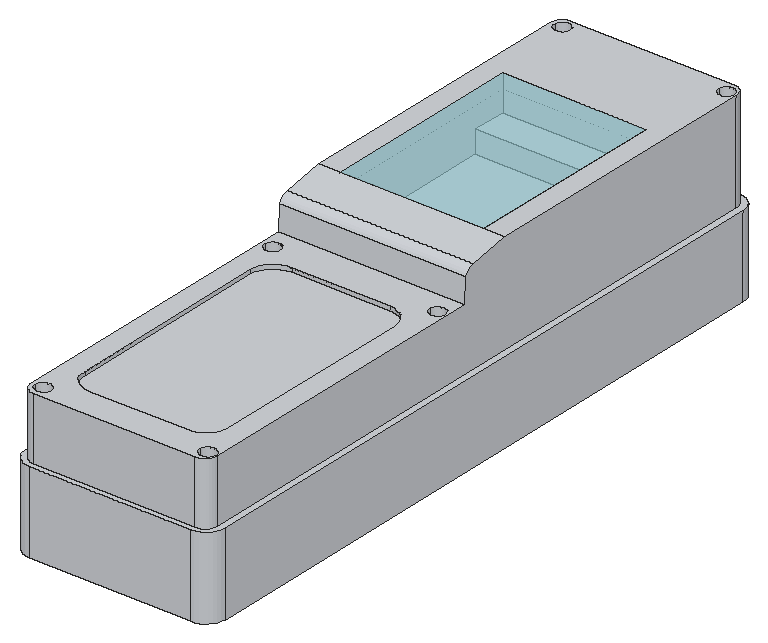
Revit family "Building-ConnessioniIEC309-GEWISS-COMBIBLOC_QUADRETTO_1PRESA", category Apparecchi elettrici, host Superficie, Revit 2019
Family settings
  Host = Superficie
  Mantenere orientamento annotazione = Sì
  Quota connettore circolare = Usa diametro
  Tipo di parte = Normale
  Taglio con vuoti quando caricato = No
  Condiviso = No
  Punto di calcolo locali = Sì
Parameters (values of type "GW66491 - QUADR.IP55 VUOTO VERT. COMBIBLOC 1 PRESA")
  simbolo 2d [instance] = yes
  Versione file RFA = "21.10"
  URL = "https://www.gewiss.com/it/it"
  Tipologia di installazione = "Da parete"
  Tipo versione = "Vuoto"
  Termopressione con biglia = "70 °C"
  Temperatura di utilizzo = "-25 +40 °C"
  Spostamento_effettivo_S [instance] = 4000 mm - Spostamento_S  # 2580 mm
  Spostamento_S = 1420 mm
  Scheda Tecnica = "https://www.gewiss.com/it/it/search?q=GW66491"
  STRUTTURA ALTA = Poche
  STRUTTURA = RAL - 7035
  SEO = "Quadretto"
  Resistenza agli urti = "IK08"
  Default Elevation = 1219.2 mm
  Produttore = "GEWISS S.p.A."
  Potenza dissipabile (W) = "10"
  Per prese: = "Compatte"
  N. prese IB alloggiabili: = "1 COMBIBLOC 16/32 A"
  N. mod. EN 50022 = "4"
  N. flange in dotazione = "Nessuna"
  Modello = "GW66491"
  IDT = "7256ea7ecdc24b538c455d8827a18355"
  IDF = "c2e671eb-f675-4889-a7b4-925bfa7eed99"
  Grado di protezione = "IP55"
  Glow wire test: = "Vuoto"
  Glow Wire Test = "650°C"
  Dotazioni = "70 °C"
  Descrizione = "QUADR.IP55 VUOTO VERT. COMBIBLOC 1 PRESA"
  Creato da GEWISS S.p.A. = ""
  ConformitÃ  normativa = "EN 62208"
  Colore = "Grigio RAL 7035"
  Codice Electrocod = "0321"
  Classe isolamento = "II"
  Catalogo = "BUILDING"
  COBie.Tagnumber = ""
  COBie.CreatedOn = ""
  COBie.CreatebBy = ""
  COBie.ComponentRegisterItemID = ""
  COBie.Component.TagNumber = ""
  COBie.Component.Space = ""
  COBie.Component.SerialNumber = ""
  COBie.Component.InstallationDate = ""
  COBie.Component.Description = ""
  COBie.Component.BarCode = ""
Reference planes
  plane 1 "Centro (Fronte/Retro)": y = 0
  plane 2: z = 0
  plane 3 "Centro (Sinistra/Destra)": x = 0
  plane 4: x = -3000
  plane 5: x = -420
Forms (mm)
  Extrusion 1, solid, detail levels coarse
    sketch origin (0, 0, 0) x (1, 0, 0) y (0, 1, 0)
      loop
        line (0, 359.912) -> (0, 0) -> (105.015, 0) -> (105.015, 359.912) -> (0, 359.912)
    from 0 to 96
Lines and regions (mm)
  symbolic lines
    curve 1: line (2.511, 0, 105.105) -> (102.504, 0, 105.105)
    curve 2: line (2.511, 0, 81.105) -> (2.511, 0, 105.105)
    curve 3: line (102.504, 0, 81.105) -> (2.511, 0, 81.105)
    curve 4: line (102.504, 0, 105.105) -> (102.504, 0, 81.105)
    curve 5: line (0, 0, 81.105) -> (105.015, 0, 81.105)
    curve 6: line (0, 0, 0) -> (0, 0, 81.105)
    curve 7: line (105.015, 0, 0) -> (0, 0, 0)
    curve 8: line (105.015, 0, 81.105) -> (105.015, 0, 0)
Dimensions and locks
  plane 4 to plane 3 "Centro (Sinistra/Destra)" = 3000 mm
  "Spostamento_effettivo_S": plane 4 to plane 5
  aligned and locked: plane 2 to host face
  aligned and locked: level to host face
  aligned and locked: plane 1 "Centro (Fronte/Retro)" to nested 2
  aligned and locked: plane 3 "Centro (Sinistra/Destra)" to nested 2
  aligned and locked: Extrusion 1 sketch curve to nested 2  (x2)
  aligned and locked: Extrusion 1 to nested 2  (x3)
  aligned and locked: nested 2 to host face
  aligned and locked: nested 1 to plane 5
  aligned and locked: plane 3 "Centro (Sinistra/Destra)" to import instance
  aligned and locked: plane 1 "Centro (Fronte/Retro)" to import instance
Automatic sketch dimensions
  host sketch curve to host sketch curve = 2438.4 mm  (x2)
  plane 3 "Centro (Sinistra/Destra)" to Extrusion 1 sketch curve = 105.015 mm
  Extrusion 1 sketch curve to plane 1 "Centro (Fronte/Retro)" = 359.912 mm
  curve 7 to level = 0 mm
  curve 7 to plane 3 "Centro (Sinistra/Destra)" = 0 mm
  plane 3 "Centro (Sinistra/Destra)" to curve 3 = 2.511 mm
  curve 1 to curve 1 = 99.993 mm
  curve 3 to curve 7 = 2.511 mm
  level to curve 2 = 81.105 mm
  curve 8 to curve 3 = 0 mm
  curve 2 to curve 2 = 24 mm
Nested families
  nested 1: "simb_CENTRALINO_BASE_cad pro" at (-420, 737.795, 0), visible <- "simbolo 2d", type "simb_CENTRALINO_BASE_cad pro"
    with Distanza dal muro 0.1 mm
  nested 2: "IB QUADRETTI PER 1 PRESA IB COMPATTA_base" at (0, 0, -32.045), type "IB QUADRETTI PER 1 PRESA IB COMPATTA_base", detail levels medium+fine
Definition of nested family "IB QUADRETTI PER 1 PRESA IB COMPATTA_base"
  Parameters (values of type "IB QUADRETTI PER 1 PRESA IB COMPATTA_base")
    d_piano = 32.045 mm
    Vetro = none
    Struttura = none
    Spessore = 96 mm
    Default Elevation = 14 mm
    Presa = none
    Larghezza = 105 mm
    IFC.TypeObject = ""
    IFC.ExportType = ""
    IFC.ExportAs = ""
    COBie.CreatedOn = ""
    COBie.CreatebBy = ""
    COBie.ComponentRegisterItemID = ""
    COBie.Component.TagNumber = ""
    COBie.Component.Space = ""
    COBie.Component.SerialNumber = ""
    COBie.Component.InstallationDate = ""
    COBie.Component.Description = ""
    COBie.Component.BarCode = ""
    Altezza = 359.912 mm
  Reference planes
    plane 1 "Centro (Fronte/Retro)": y = 0
    plane 2: z = 0
    plane 3 "Centro (Sinistra/Destra)": x = 0
    plane 4: y = 410.827
    plane 5: x = 105.015
    plane 6: y = 356.291
    plane 7: x = 3.621
    plane 8: x = 101.394
    plane 9: y = 2.821
    plane 10: y = 359.912
    plane 11: z = 32.045
    plane 12: z = 75.045
    plane 13: z = 128.045
    plane 14: x = 14.621
    plane 15: x = 90.394
    plane 16: y = 151.272
    plane 17: y = 18.44
    plane 18: z = 108.045
    plane 19: z = 105.984
    plane 20: y = 349.892
    plane 21: x = 96.539
    plane 22: x = 10.03
    plane 23: y = 304.922
    plane 24: y = 198.075
    plane 25: z = 120.562
  Forms (mm)
    Extrusion 1, solid
      sketch origin (0, 0, 84.734) x (0, -1, 0) y (1, 0, 0)
        loop
          arc (-359.912, 10) -> (-356.983, 2.929) -> (-349.912, 0) r 10
          line (-349.912, 0) -> (-10, 0)
          arc (-10, 0) -> (-2.929, 2.929) -> (0, 10) r 10
          line (0, 10) -> (0, 95.015)
          arc (0, 95.015) -> (-2.929, 102.086) -> (-10, 105.015) r 10
          line (-10, 105.015) -> (-349.912, 105.015)
          arc (-349.912, 105.015) -> (-356.983, 102.086) -> (-359.912, 95.015) r 10
          line (-359.912, 95.015) -> (-359.912, 10)
      from -52.69 to -9.69
    Extrusion 2, solid
      sketch origin (0, 0, 84.734) x (0, -1, 0) y (1, 0, 0)
        loop
          arc (-356.291, 10.121) -> (-354.387, 5.525) -> (-349.791, 3.621) r 6.5
          line (-349.791, 3.621) -> (-9.277, 3.621)
          arc (-9.277, 3.621) -> (-4.712, 5.512) -> (-2.821, 10.077) r 6.456
          line (-2.821, 10.077) -> (-2.821, 94.894)
          arc (-2.821, 94.894) -> (-4.725, 99.491) -> (-9.321, 101.394) r 6.5
          line (-9.321, 101.394) -> (-349.791, 101.394)
          arc (-349.791, 101.394) -> (-354.387, 99.491) -> (-356.291, 94.894) r 6.5
          line (-356.291, 94.894) -> (-356.291, 10.121)
      from -9.69 to 43.31
    Extrusion 3, void
      sketch origin (0, 0, 0) x (0, 1, 0) y (0, 0, 1)
        loop
          line (198.075, 128.045) -> (198.075, 113.321) -> (203.222, 113.321) -> (220.76, 97.788) -> (286.916, 97.788) -> (287.014, 109.308) -> (304.922, 109.308) -> (304.922, 128.045) -> (198.075, 128.045)
      from 14.621 to 90.394
    Extrusion 4, void
      sketch origin (0, 0, 0) x (0, 1, 0) y (0, 0, 1)
        loop
          line (2.821, 128.045) -> (2.821, 108.045) -> (171.66, 108.045) -> (172.491, 120.424)
          arc (172.491, 120.424) -> (174.549, 123.144) -> (177.585, 124.698) r 7.643
          arc (177.585, 124.698) -> (187.758, 126.813) -> (198.075, 128.045) r 120.646
          line (198.075, 128.045) -> (2.821, 128.045)
      from 3.621 to 101.394
    Extrusion 5, void
      sketch origin (0, 0, 84.734) x (0, -1, 0) y (1, 0, 0)
        loop
          arc (-151.272, 26.613) -> (-147.76, 18.133) -> (-139.28, 14.621) r 11.992
          line (-139.28, 14.621) -> (-30.44, 14.621)
          arc (-30.44, 14.621) -> (-21.955, 18.136) -> (-18.44, 26.621) r 12
          line (-18.44, 26.621) -> (-18.44, 78.394)
          arc (-18.44, 78.394) -> (-21.955, 86.88) -> (-30.44, 90.394) r 12
          line (-30.44, 90.394) -> (-139.272, 90.394)
          arc (-139.272, 90.394) -> (-147.757, 86.88) -> (-151.272, 78.394) r 12
          line (-151.272, 78.394) -> (-151.272, 26.613)
      from 21.25 to 23.31
    Extrusion 6, void
      sketch origin (0, 0, 84.734) x (0, -1, 0) y (1, 0, 0)
        loop
          circle (-349.892, 10.03) r 4.143
        loop
          circle (-349.892, 96.539) r 4.143
        loop
          circle (-159.833, 10.03) r 4.143
        loop
          circle (-159.833, 96.539) r 4.143
        loop
          circle (-9.22, 96.539) r 4.318
        loop
          circle (-9.22, 10.03) r 4.318
      from 0 to 43.31
    Extrusion 7, solid, material <- "Vetro"
      sketch origin (0, 0, 84.734) x (0, -1, 0) y (1, 0, 0)
        loop
          line (-198.075, 14.621) -> (-198.075, 90.394) -> (-304.922, 90.394) -> (-304.922, 14.621) -> (-198.075, 14.621)
      from 35.828 to 43.31
  Cuts and joins
    Extrusion 3, Extrusion 4, Extrusion 5, Extrusion 6 cuts Extrusion 2
  Dimensions and locks
    locked: plane 10 to plane 6 at 3.621
    locked: plane 3 "Centro (Sinistra/Destra)" to plane 7 at 3.621
    locked: plane 8 to plane 5 at 3.621
    locked: plane 1 "Centro (Fronte/Retro)" to plane 9 at 2.821
    locked: plane 12 to plane 11 at 43
    locked: plane 13 to plane 12 at 53
    locked: plane 7 to plane 14 at 11
    locked: plane 15 to plane 8 at 11
    Extrusion 5 to plane 1 "Centro (Fronte/Retro)" = 151.272 mm
    locked: plane 19 to plane 18 at 2.06
    "d_piano": plane 11 to level
    locked: plane 24 to plane 23 at 106.848
    locked: plane 13 to plane 25 at 7.483
    radius of Extrusion 1 sketch curve = 10 mm  (x4)
    radius of Extrusion 2 sketch curve = 6.5 mm  (x3)
    aligned and locked: level to plane 2
    aligned and locked: Extrusion 1 sketch curve to plane 10
    aligned and locked: Extrusion 1 sketch curve to plane 3 "Centro (Sinistra/Destra)"
    aligned and locked: Extrusion 1 sketch curve to plane 5
    aligned and locked: Extrusion 1 sketch curve to plane 1 "Centro (Fronte/Retro)"
    aligned and locked: Extrusion 1 to plane 11
    aligned and locked: plane 12 to Extrusion 1
    aligned and locked: Extrusion 2 sketch curve to plane 6
    aligned and locked: Extrusion 2 sketch curve to plane 7
    aligned and locked: Extrusion 2 sketch curve to plane 8
    aligned and locked: Extrusion 2 sketch curve to plane 9
    aligned and locked: Extrusion 2 to plane 12
    aligned and locked: plane 13 to Extrusion 2
    aligned and locked: Extrusion 3 sketch curve to plane 13
    aligned and locked: Extrusion 4 sketch curve to plane 13
    aligned and locked: Extrusion 4 sketch curve to plane 9
    aligned and locked: plane 7 to Extrusion 4
    aligned and locked: Extrusion 4 to plane 8
    aligned and locked: plane 18 to Extrusion 4
    aligned and locked: Extrusion 5 to Extrusion 4
    aligned and locked: plane 19 to Extrusion 5
    aligned and locked: plane 20 to Extrusion 6 sketch curve  (x2)
    aligned and locked: plane 21 to Extrusion 6 sketch curve  (x3)
    aligned and locked: plane 22 to Extrusion 6 sketch curve
    aligned and locked: Extrusion 6 sketch curve to plane 22  (x2)
    aligned and locked: Extrusion 2 to Extrusion 6
    aligned and locked: plane 14 to Extrusion 3
    aligned and locked: Extrusion 3 to plane 15
    aligned and locked: plane 13 to Extrusion 7
    aligned and locked: Extrusion 7 to plane 25
  Automatic sketch dimensions
    plane 22 to Extrusion 2 sketch curve = 0.047 mm
    plane 16 to Extrusion 3 sketch curve = 46.803 mm
    Extrusion 3 sketch curve to Extrusion 3 sketch curve = 5.147 mm
    plane 19 to Extrusion 3 sketch curve = 8.196 mm
    Extrusion 3 sketch curve to Extrusion 3 sketch curve = 17.538 mm
    Extrusion 3 sketch curve to plane 20 = 62.976 mm
    Extrusion 3 sketch curve to plane 18 = 1.263 mm
    Extrusion 3 sketch curve to Extrusion 3 sketch curve = 0.098 mm
    Extrusion 3 sketch curve to Extrusion 3 sketch curve = 17.908 mm
    Extrusion 3 sketch curve to plane 18 = 5.276 mm
    plane 18 to Extrusion 4 sketch curve = 0 mm
    plane 16 to Extrusion 4 sketch curve = 20.387 mm
    Extrusion 4 sketch curve to plane 13 = 7.621 mm
    Extrusion 4 sketch curve to Extrusion 4 sketch curve = 0.831 mm
    Extrusion 4 sketch curve to Extrusion 4 sketch curve = 6.971 mm
    Extrusion 4 sketch curve to Extrusion 4 sketch curve = 18.613 mm
    level to Extrusion 4 sketch curve = 7.744 mm
    plane 16 to Extrusion 4 sketch curve = 55.931 mm
    Extrusion 4 sketch curve to Extrusion 4 sketch curve = 3.134 mm
    Extrusion 5 sketch curve to plane 16 = 0 mm
    Extrusion 5 sketch curve to plane 14 = 0 mm
    Extrusion 5 sketch curve to plane 15 = 0 mm
    Extrusion 5 sketch curve to plane 17 = 0 mm
    Extrusion 5 sketch curve to plane 16 = 11.992 mm
    Extrusion 5 sketch curve to plane 16 = 12 mm
    plane 17 to Extrusion 5 sketch curve = 12 mm  (x2)
    plane 16 to Extrusion 6 sketch curve = 8.561 mm  (x2)
    plane 9 to Extrusion 6 sketch curve = 6.399 mm  (x2)
    Extrusion 7 sketch curve to plane 14 = 0 mm
    Extrusion 7 sketch curve to plane 15 = 0 mm
    Extrusion 7 sketch curve to plane 23 = 0 mm
    Extrusion 7 sketch curve to plane 24 = 0 mm
    radius of Extrusion 6 sketch curve = 4.143 mm  (x4)
    radius of Extrusion 6 sketch curve = 4.318 mm  (x2)
Definition of nested family "simb_CENTRALINO_BASE_cad pro"
  Parameters (values of type "simb_CENTRALINO_BASE_cad pro")
    Distanza dal muro [instance] = 0 mm
  Reference planes
    plane 1: y = 0
    plane 2: x = 0
  Dimensions and locks
    "Distanza dal muro": plane 1 to nested 1
    aligned and locked: plane 2 to nested 1
  Nested families
    nested 1: "CENTRALINO_BASE_cad pro" at (0, 0, 0), type "CENTRALINO"
  Definition of nested family "CENTRALINO_BASE_cad pro"
    Parameters (values of type "CENTRALINO")
      Distanza dal muro = 0 mm
    Reference planes
      plane 1: y = 0
      plane 2: x = 0
    Lines and regions (mm)
      detail lines
        curve 1: line (1.33, 1.33, 0) -> (2.109, 1.33, 0)
        curve 2: line (2.109, 1.33, 0) -> (2.109, 0, 0)
        curve 3: line (2.109, 0, 0) -> (1.33, 0, 0)
        curve 4: line (1.33, 0, 0) -> (-1.33, 1.33, 0)
        curve 5: line (-1.33, 1.33, 0) -> (1.33, 1.33, 0)
        curve 6: line (1.33, 1.33, 0) -> (1.33, 0, 0)
        curve 7: line (1.33, 0, 0) -> (-1.33, 0, 0)
        curve 8: line (-1.33, 0, 0) -> (-1.33, 1.33, 0)
        curve 9: line (1.461, 0.665, 0) -> (1.977, 0.665, 0)
        curve 10: line (1.719, 0.665, 0) -> (1.719, 1.01, 0)
        curve 11: arc (1.977, 0.406, 0) -> (1.719, 0.665, 0) -> (1.461, 0.406, 0) r 0.258
